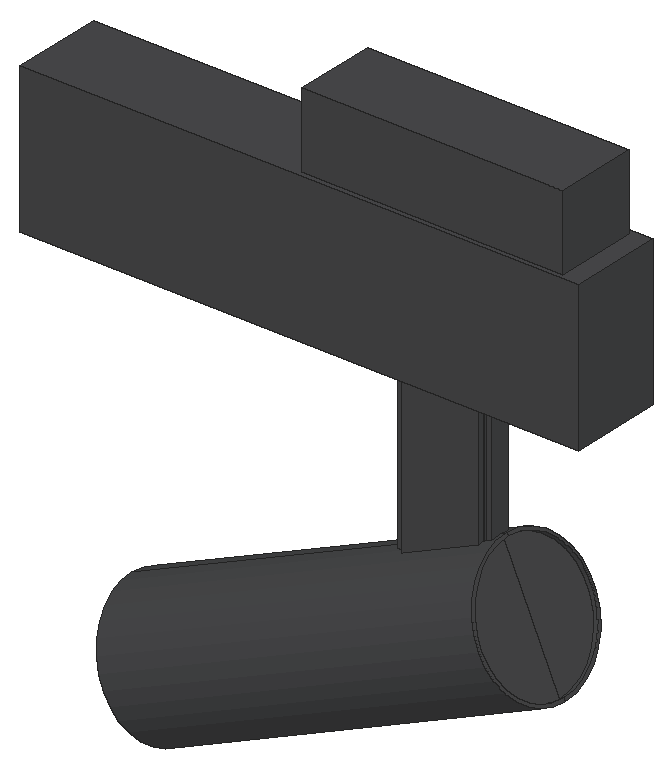
Revit family "DTM15W.1.24", category Luminarias, Revit 2019
Family settings
  Cota de conector redondo = Diámetro de uso
  Tipo de pieza = Normal
  Se basa en plano de trabajo = Sí
  Siempre vertical = Sí
  Corte con vacíos al cargar = No
  Origen de luz = Sí
  Compartido = No
  Punto de cálculo de habitación = No
Parameters (values of type "SPOT RIEL_DTM15W.1.24")
  Ángulo de inclinación = 60.00°
  Zone [instance] = ""
  Watt per fixture = 13.8
  Wattage = 13.8 W
  built-in parameter 1150107 = 3000 (stored number, unit not read)
  built-in parameter 1150110 = 1 (stored number, unit not read)
  built-in parameter 1150109 = 1 (stored number, unit not read)
  built-in parameter 1150112 = 1 (stored number, unit not read)
  built-in parameter 1150113 = 1 (stored number, unit not read)
  built-in parameter 1114218 = 1 (stored number, unit not read)
  Keynote = ""
  built-in parameter 1150137 = (empty or 0)
  built-in parameter 1150132 = (empty or 0)
  Modelo = "DTM15W.1.24"
  Lámpara = "CITIZEN"
  built-in parameter 1150105 = 81.265 (stored number, unit not read)
  built-in parameter 1150102 = (empty or 0)
  built-in parameter 1150106 = 0.81265 (stored number, unit not read)
  Lumens = 1021.2 lm
  Color Filter = 16777215
  built-in parameter 1114217 = 1 (stored number, unit not read)
  built-in parameter 1150139 = (empty or 0)
  Fabricante = "BRILLANT"
  Default Elevation = 1219.2 mm
  built-in parameter 1150104 = 6.8748 (stored number, unit not read)
  Descripción = "LUMINARIA DIRIGIBLE TIPO PUNTUAL DE UN CABEZAL COMPATIBLE CON RIEL DE 6 ENTRADAS Y 3 CIRCUITOS, CUERPO DE ALUMINIO ACABADO EN COLOR NEGRO, IP 20, PESO 0.84Kg, TIPO DE LED CITIZEN CON 13.8W TOTAL, 1024 LUMENES, 74LM/W, IRC 90, TEMPERATURA EN BLANCO CALIDO 3000K, 50 MIL HORAS DE VIDA PROMEDIO, APERTURA DE 24 GRADOS EN STOCK, ALIMENTADO A 90-277V/50-60Hz"
  built-in parameter 1150115 = 1 (stored number, unit not read)
  built-in parameter 1150114 = 1 (stored number, unit not read)
  Comentarios de vataje = "90-277V"
  built-in parameter 1150138 = (empty or 0)
  built-in parameter 1150134 = (empty or 0)
  Circuit [instance] = ""
  Dimming Lamp Color Temperature Shift = (empty or 0)
  Archivo de red fotométrica = "TL36-15W-830-B-24_IESNA95.IES"
  built-in parameter 1150133 = 10 (stored number, unit not read)
Types (3, lengths in mm): name | built-in parameter 1150107 | Modelo | Descripción | Archivo de red fotométrica
  SPOT RIEL_DTM15U.1.24 | 2700 (stored number, unit not read) | "DTM15U.1.24" | "LUMINARIA DIRIGIBLE TIPO PUNTUAL DE UN CABEZAL COMPATIBLE CON RIEL DE 6 ENTRADAS Y 3 CIRCUITOS, CUERPO DE ALUMINIO ACABADO EN COLOR NEGRO, IP 20, PESO 0.84Kg, TIPO DE LED CITIZEN CON 13.8W TOTAL, 1024 LUMENES, 74LM/W, IRC 90, TEMPERATURA EN BLANCO CALIDO 2700K, 50 MIL HORAS DE VIDA PROMEDIO, APERTURA DE 24 GRADOS EN STOCK, ALIMENTADO A 90-277V/50-60Hz" | "generic"
  SPOT RIEL_DTM15U.1.16 | 2700 (stored number, unit not read) | "DTM15U.1.16" | "LUMINARIA DIRIGIBLE TIPO PUNTUAL DE UN CABEZAL COMPATIBLE CON RIEL DE 6 ENTRADAS Y 3 CIRCUITOS, CUERPO DE ALUMINIO ACABADO EN COLOR NEGRO, IP 20, PESO 0.84Kg, TIPO DE LED CITIZEN CON 13.8W TOTAL, 1024 LUMENES, 74LM/W, IRC 90, TEMPERATURA EN BLANCO CALIDO 2700K, 50 MIL HORAS DE VIDA PROMEDIO, APERTURA DE 16 GRADOS POR PROYECTO, ALIMENTADO A 90-277V/50-60Hz" | "generic"
  SPOT RIEL_DTM15W.1.24 | 3000 (stored number, unit not read) | "DTM15W.1.24" | "LUMINARIA DIRIGIBLE TIPO PUNTUAL DE UN CABEZAL COMPATIBLE CON RIEL DE 6 ENTRADAS Y 3 CIRCUITOS, CUERPO DE ALUMINIO ACABADO EN COLOR NEGRO, IP 20, PESO 0.84Kg, TIPO DE LED CITIZEN CON 13.8W TOTAL, 1024 LUMENES, 74LM/W, IRC 90, TEMPERATURA EN BLANCO CALIDO 3000K, 50 MIL HORAS DE VIDA PROMEDIO, APERTURA DE 24 GRADOS EN STOCK, ALIMENTADO A 90-277V/50-60Hz" | "TL36-15W-830-B-24_IESNA95.IES"
Reference planes
  plane 1 "Centro (Frontal/Posterior)": y = 0
  plane 2: z = 0
  plane 3 "Centro (Izquierda/Derecha)": x = 0
Forms (mm)
  Extrusion 1, solid, material "Default Form"
    sketch origin (0, 0, 0) x (1, 0, 0) y (0, 0, 1)
      loop
        line (-120.5, 0) -> (-120.5, -64) -> (120.5, -64) -> (120.5, 0) -> (-120.5, 0)
    from -20 to 20
  Extrusion 2, solid
    sketch origin (0, 0, 0) x (0, 1, 0) y (0, 0, 1)
      loop
        line (-7.273, 1.74) -> (7.273, 1.74) -> (7.273, 0) -> (15.231, 0) -> (17.006, 4.494) -> (15.021, 4.494) -> (14.058, 5.868) -> (14.058, 7.166) -> (6.473, 7.166) -> (6.473, 9.324) -> (10.169, 10.163) -> (10.169, 12.464) -> (6.473, 13.302) -> (6.473, 16.66) -> (10.169, 17.499) -> (10.169, 19.8) -> (6.473, 20.638) -> (6.473, 25.016) -> (13.839, 25.016) -> (14.514, 24.341) -> (15.775, 24.341) -> (15.775, 27.171) -> (14.73, 27.171) -> (14.058, 26.499) -> (6.473, 26.499) -> (6.473, 27.299) -> (12.377, 27.299) -> (12.377, 31.471) -> (-2.744, 31.471) -> (-2.744, 30.671) -> (-5.514, 30.671) -> (-5.514, 31.471) -> (-12.377, 31.471) -> (-12.377, 27.299) -> (-6.473, 27.299) -> (-6.473, 26.499) -> (-14.058, 26.499) -> (-14.73, 27.171) -> (-15.775, 27.171) -> (-15.775, 24.341) -> (-14.514, 24.341) -> (-13.839, 25.016) -> (-6.473, 25.016) -> (-6.473, 20.638) -> (-10.169, 19.8) -> (-10.169, 17.499) -> (-6.473, 16.66) -> (-6.473, 13.302) -> (-10.169, 12.464) -> (-10.169, 10.163) -> (-6.473, 9.324) -> (-6.473, 7.166) -> (-14.058, 7.166) -> (-14.058, 5.868) -> (-15.021, 4.494) -> (-17.006, 4.494) -> (-15.231, 0) -> (-7.273, 0) -> (-7.273, 1.74)
    from 0 to 111.256
  Revolve 3, solid, material "Default Form"
    sketch origin (-53.809, 0, -47.247) x (0.913545, 0, 0.406737) y (-0.406737, 0, 0.913545)
      loop
        line (-90.696, -178.651) -> (-90.696, -181.199) -> (86.304, -181.199) -> (86.304, -179.827) -> (84.235, -179.827) -> (84.235, -150.199) -> (-76.941, -150.199) -> (-76.941, -178.651) -> (-90.696, -178.651)
      axis (86.304, -150.199) -> (-90.696, -150.199)
    angle from 0 to 360
  Extrusion 4, solid, material "Default Form"
    sketch origin (-2.5, 0, 0) x (1, 0, 0) y (0, 1, 0)
      loop
        line (36.186, 6.873) -> (36.186, 4.211) -> (35.401, 4.211) -> (35.401, 2.934) -> (34.55, 2.934) -> (34.55, 4.211) -> (32.462, 4.211) -> (32.462, -4.55) -> (34.55, -4.55) -> (34.55, -3.273) -> (35.401, -3.273) -> (35.401, -4.55) -> (36.186, -4.55) -> (36.186, -6.873) -> (69.522, -6.873) -> (69.522, -4.55) -> (70.306, -4.55) -> (70.306, -3.273) -> (71.158, -3.273) -> (71.158, -4.55) -> (73.245, -4.55) -> (73.245, 4.211) -> (71.158, 4.211) -> (71.158, 2.934) -> (70.306, 2.934) -> (70.306, 4.211) -> (69.522, 4.211) -> (69.522, 6.873) -> (36.186, 6.873)
    from -140.263 to -64
  Extrusion 5, solid, material "Default Form"
    sketch origin (0, 0, 0) x (1, 0, 0) y (0, 1, 0)
      loop
        line (111.256, 17.006) -> (0, 17.006) -> (0, -17.006) -> (111.256, -17.006) -> (111.256, 17.006)
      loop
        line (112.056, 17.806) -> (-0.8, 17.806) -> (-0.8, -17.806) -> (112.056, -17.806) -> (112.056, 17.806)
    from 0 to 31.471
  Extrusion 6, solid, material "Default Form"
    sketch origin (0, 0, 0) x (1, 0, 0) y (0, 1, 0)
      loop
        line (-0.8, 17.806) -> (-0.8, -17.806) -> (112.056, -17.806) -> (112.056, 17.806) -> (-0.8, 17.806)
    from 31.471 to 32.429
Cuts and joins
  joined: Extrusion 5, Extrusion 6
Dimensions and locks
  equal spacing: Extrusion 1, plane 1 "Centro (Frontal/Posterior)", Extrusion 1
  Extrusion 1 to plane 1 "Centro (Frontal/Posterior)" = 20 mm
  Extrusion 1 to Extrusion 1 = 40 mm
  Extrusion 1 to Extrusion 1 = 64 mm
  aligned and locked: level to plane 2
Automatic sketch dimensions
  Extrusion 1 sketch curve to level = 0 mm
  Extrusion 1 sketch curve to plane 3 "Centro (Izquierda/Derecha)" = 120.5 mm
  plane 3 "Centro (Izquierda/Derecha)" to Extrusion 1 sketch curve = 120.5 mm
  Extrusion 1 sketch curve to level = 64 mm
  Extrusion 2 sketch curve to Extrusion 2 sketch curve = 1.231 mm
  Extrusion 2 sketch curve to Extrusion 2 sketch curve = 1.775 mm
  Extrusion 2 sketch curve to Extrusion 2 sketch curve = 1.985 mm  (x2)
  Extrusion 2 sketch curve to Extrusion 2 sketch curve = 1.045 mm
  Extrusion 2 sketch curve to Extrusion 2 sketch curve = 1.261 mm  (x2)
  Extrusion 2 sketch curve to Extrusion 2 sketch curve = 0.963 mm  (x2)
  Extrusion 2 sketch curve to Extrusion 2 sketch curve = 0.672 mm  (x4)
  Extrusion 2 sketch curve to Extrusion 2 sketch curve = 0.675 mm  (x2)
  Extrusion 2 sketch curve to Extrusion 2 sketch curve = 1.682 mm
  Extrusion 2 sketch curve to Extrusion 2 sketch curve = 3.89 mm  (x2)
  Extrusion 2 sketch curve to Extrusion 2 sketch curve = 0 mm  (x4)
  Extrusion 2 sketch curve to Extrusion 2 sketch curve = 7.958 mm
  Extrusion 2 sketch curve to Extrusion 2 sketch curve = 5.904 mm  (x2)
  Extrusion 2 sketch curve to Extrusion 2 sketch curve = 3.696 mm  (x5)
  Extrusion 2 sketch curve to Extrusion 2 sketch curve = 0.959 mm
  Extrusion 2 sketch curve to Extrusion 2 sketch curve = 2.77 mm
  Extrusion 2 sketch curve to Extrusion 2 sketch curve = 12.946 mm
  level to Extrusion 2 sketch curve = 9.324 mm
  Extrusion 2 sketch curve to Extrusion 2 sketch curve = 0.8 mm  (x4)
  level to Extrusion 2 sketch curve = 10.163 mm
  Extrusion 2 sketch curve to Extrusion 2 sketch curve = 1.462 mm
  Extrusion 2 sketch curve to Extrusion 2 sketch curve = 0.22 mm
  level to Extrusion 2 sketch curve = 5.868 mm
  Extrusion 2 sketch curve to level = 0 mm  (x2)
  Extrusion 2 sketch curve to Extrusion 2 sketch curve = 0.21 mm
  level to Extrusion 2 sketch curve = 4.494 mm
  Extrusion 2 sketch curve to Extrusion 2 sketch curve = 4.494 mm
  Extrusion 2 sketch curve to Extrusion 2 sketch curve = 1.375 mm
  Extrusion 2 sketch curve to Extrusion 2 sketch curve = 1.298 mm  (x2)
  Extrusion 2 sketch curve to Extrusion 2 sketch curve = 2.158 mm
  Extrusion 2 sketch curve to Extrusion 2 sketch curve = 0.839 mm  (x7)
  Extrusion 2 sketch curve to Extrusion 2 sketch curve = 2.301 mm  (x4)
  Extrusion 2 sketch curve to Extrusion 2 sketch curve = 3.358 mm  (x2)
  Extrusion 2 sketch curve to Extrusion 2 sketch curve = 4.541 mm  (x2)
  Extrusion 2 sketch curve to Extrusion 2 sketch curve = 4.378 mm  (x2)
  Extrusion 2 sketch curve to Extrusion 2 sketch curve = 1.483 mm  (x2)
  Extrusion 2 sketch curve to Extrusion 2 sketch curve = 3.372 mm
  Extrusion 2 sketch curve to Extrusion 2 sketch curve = 4.172 mm
  Extrusion 2 sketch curve to Extrusion 2 sketch curve = 1.74 mm
  plane 1 "Centro (Frontal/Posterior)" to Extrusion 2 sketch curve = 17.006 mm
  Revolve 3 sketch curve to plane 3 "Centro (Izquierda/Derecha)" = 62.963 mm
  Revolve 3 sketch curve to level = 249.67 mm
  Revolve 3 sketch curve to Revolve 3 sketch curve = 13.755 mm
  Revolve 3 sketch curve to Revolve 3 sketch curve = 161.175 mm
  Revolve 3 sketch curve to Revolve 3 sketch curve = 2.069 mm
  Revolve 3 sketch curve to Revolve 3 sketch curve = 1.372 mm
  Revolve 3 sketch curve to Revolve 3 sketch curve = 2.548 mm
  Revolve 3 sketch curve to Revolve 3 sketch curve = 29.628 mm
  Revolve 3 sketch curve to Revolve 3 sketch curve = 23.825 mm
  Revolve 3 sketch curve to Revolve 3 sketch curve = 0 mm  (x2)
  Extrusion 5 sketch curve to plane 3 "Centro (Izquierda/Derecha)" = 0 mm
  plane 1 "Centro (Frontal/Posterior)" to Extrusion 5 sketch curve = 17.006 mm
  plane 3 "Centro (Izquierda/Derecha)" to Extrusion 5 sketch curve = 111.256 mm
  Extrusion 5 sketch curve to plane 1 "Centro (Frontal/Posterior)" = 17.006 mm
  Extrusion 5 sketch curve to Extrusion 5 sketch curve = 0.8 mm  (x3)
  Extrusion 5 sketch curve to plane 3 "Centro (Izquierda/Derecha)" = 0.8 mm
  Extrusion 6 sketch curve to plane 3 "Centro (Izquierda/Derecha)" = 0.8 mm
  plane 1 "Centro (Frontal/Posterior)" to Extrusion 6 sketch curve = 17.806 mm
  plane 3 "Centro (Izquierda/Derecha)" to Extrusion 6 sketch curve = 112.056 mm
  Extrusion 6 sketch curve to plane 1 "Centro (Frontal/Posterior)" = 17.806 mm
  plane 1 "Centro (Frontal/Posterior)" to Extrusion 4 sketch curve = 4.55 mm
  plane 3 "Centro (Izquierda/Derecha)" to Extrusion 4 sketch curve = 29.962 mm
  Extrusion 4 sketch curve to Extrusion 4 sketch curve = 2.088 mm  (x3)
  Extrusion 4 sketch curve to Extrusion 4 sketch curve = 0.851 mm  (x4)
  Extrusion 4 sketch curve to Extrusion 4 sketch curve = 0.785 mm  (x4)
  Extrusion 4 sketch curve to plane 1 "Centro (Frontal/Posterior)" = 4.211 mm
  Extrusion 4 sketch curve to Extrusion 4 sketch curve = 33.336 mm
  Extrusion 4 sketch curve to Extrusion 4 sketch curve = 0 mm  (x5)
  plane 1 "Centro (Frontal/Posterior)" to Extrusion 4 sketch curve = 6.873 mm
  Extrusion 4 sketch curve to Extrusion 4 sketch curve = 2.323 mm
  Extrusion 4 sketch curve to Extrusion 4 sketch curve = 1.277 mm  (x4)
  Extrusion 4 sketch curve to plane 1 "Centro (Frontal/Posterior)" = 2.934 mm
  Extrusion 4 sketch curve to Extrusion 4 sketch curve = 2.662 mm
